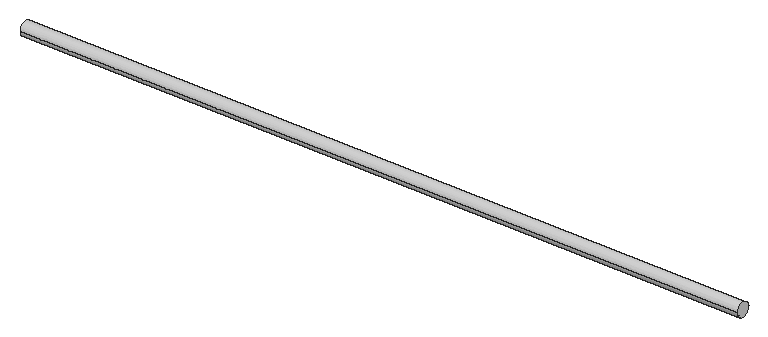
Revit family "TUBE 48-2,6_2125647", category Generic Models, Revit 2018
Family settings
  Can host rebar = No
  Round Connector Dimension = Use Diameter
  Part Type = Normal
  OmniClass Number = 35.51.17.00
  OmniClass Title = SCAFFOLDING SHORING AND FENCING
  Work Plane-Based = Yes
  Always vertical = No
  Cut with Voids When Loaded = No
  Shared = Yes
  Room Calculation Point = No
Parameters
  VERSION = "20190101"  # constant formula
  URL = "www.ulmaconstruction.com/en"
  UNICLASS = ""
  Model = ""
  ITEM_CODE = "2125647"
  Manufacturer = "ULMA CONSTRUCTION"  # constant formula
  FILTER [instance] = ""
  Default Elevation = 0 mm
  CLASSIFICATION_TITLE = ""
  CLASSIFICATION_NUMBER = ""
Reference planes
  plane 1 "Centro (Frontal/Posterior)": y = 0
  plane 2: z = 0
  plane 3 "Centro (Izquierda/Derecha)": x = 0
  plane 4 "ITEM_LENGTH": x = 2600
Forms (mm)
  Extrusion 1, solid, material "ULMA ZINC", detail levels fine
    sketch origin (0, 0, 0) x (0, 1, 0) y (0, 0, 1)
      loop
        circle (0, 0) r 24.15
    from 0 to 2600
Lines and regions (mm)
  model lines, style "ULMA FIXING ITEMS", detail levels fine
    curve 1: circle (0, 0, 0) r 21 normal (1, 0, 0)
    curve 3: circle (2600, 0, 0) r 21 normal (1, 0, 0)
  model lines, style "ULMA FIXING ITEMS", detail levels coarse+medium
    curve 2: line (0, 0, 0) -> (2600, 0, 0)
Dimensions and locks
  locked: plane 3 "Centro (Izquierda/Derecha)" to plane 4 "ITEM_LENGTH" at 2600
  aligned and locked: level to plane 2
  aligned and locked: Extrusion 1 to plane 3 "Centro (Izquierda/Derecha)"
  aligned and locked: plane 4 "ITEM_LENGTH" to Extrusion 1
  aligned and locked: plane 4 "ITEM_LENGTH" to curve 2
